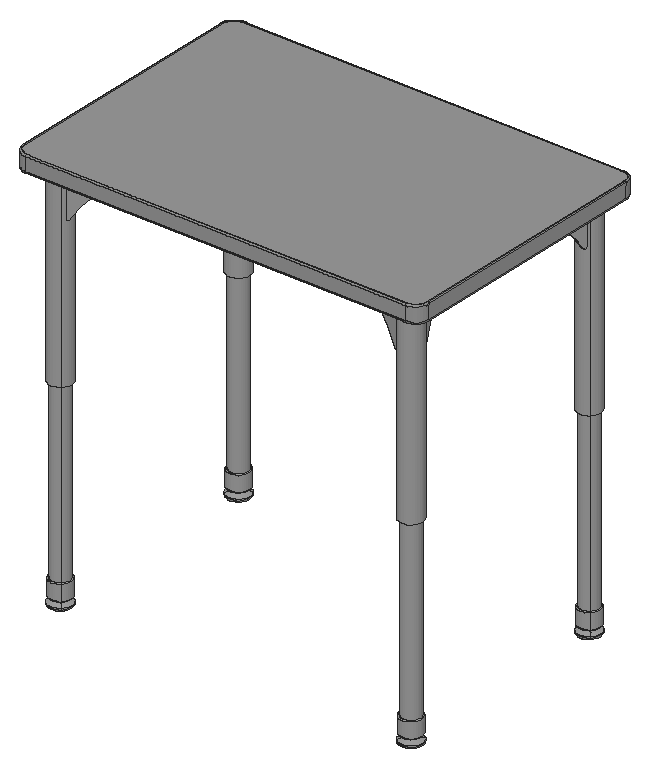
Revit family "Hierarchy Snap Rectangle Desk", category Furniture, Revit 2018
Family settings
  Work Plane-Based = No
  Always vertical = Yes
  Cut with Voids When Loaded = No
  Shared = No
  Room Calculation Point = No
Parameters
  Desk Height = 2' - 5"
  Surface = Hierarchy Snap Rectangle Desk Surface
  Leg Finish = Hierarchy Leg Platinum
  Edgeband = Hierarchy Snap Rectangle Desk Edgeband
  Caster/Glide = Hierarchy Leg - Glide : Hierarchy Leg - Glide
Reference planes (in)
  plane 1 "Center (Front/Back)": y = 0
  plane 2: z = 0
  plane 3 "Center (Left/Right)": x = 0
  plane 4 "Table Height": z = 29
Dimensions and locks (in)
  "Desk Height": plane 4 "Table Height" to level
  aligned and locked: plane 2 to level
  aligned and locked: nested 1 to plane 4 "Table Height"
Nested families (in)
  nested 1: "Snap Rectangle Tabletop" at (0, 0, 1.85825), type "Snap Rectangle Tabletop"
  nested 2: "Hierarchy Leg - Glide" at (-13, 8.25, 0) x (0.7071, 0.7071, 0) z (0, 0, 1), type <- "Caster/Glide", Leg Finish <- "Leg Finish", Leg Height <- "Desk Height", type "Hierarchy Leg - Glide"
  nested 3: "Hierarchy Leg - Glide" at (13, 8.25, 0) x (-0.7071, 0.7071, 0) z (0, 0, 1), Leg Finish <- "Leg Finish", Leg Height <- "Desk Height", type "Hierarchy Leg - Glide"
    with Leg Height 2' - 5", Leg Finish Hierarchy Leg Platinum
  nested 4: "Hierarchy Leg - Glide" at (-13, -8.25, 0) x (0.7071, -0.7071, 0) z (0, 0, 1), type <- "Caster/Glide", Leg Finish <- "Leg Finish", Leg Height <- "Desk Height", type "Hierarchy Leg - Glide"
    with Leg Height 2' - 5", Leg Finish Hierarchy Leg Platinum
  nested 5: "Hierarchy Leg - Glide" at (13, -8.25, 0) x (-0.7071, -0.7071, 0) z (0, 0, 1), Leg Finish <- "Leg Finish", Leg Height <- "Desk Height", type "Hierarchy Leg - Glide"
    with Leg Height 2' - 5", Leg Finish Hierarchy Leg Platinum
Definition of nested family "Snap Rectangle Tabletop"
  Parameters (values of type "Snap Rectangle Tabletop")
    Surface = none
    Edgeband = none
  Reference planes (in)
    plane 1 "Center (Front/Back)": y = 0
    plane 2: z = 0
    plane 3 "Center (Left/Right)": x = 0
  Forms (in)
    Extrusion 1, solid, material <- "Surface"
      sketch origin (0, 1.04902, 0) x (1, 0, 0) y (0, 1, 0)
        loop
          line (14.05799, 8.95098) -> (-14.05799, 8.95098)
          arc (-14.05799, 8.95098) -> (-14.65906, 8.70201) -> (-14.90803, 8.10093) r 0.85005
          line (-14.90803, 8.10093) -> (-14.90803, -10.19898)
          arc (-14.90803, -10.19898) -> (-14.65906, -10.80005) -> (-14.05799, -11.04902) r 0.85005
          line (-14.05799, -11.04902) -> (14.05799, -11.04902)
          arc (14.05799, -11.04902) -> (14.65906, -10.80005) -> (14.90803, -10.19898) r 0.85005
          line (14.90803, -10.19898) -> (14.90803, 8.10093)
          arc (14.90803, 8.10093) -> (14.65906, 8.70201) -> (14.05799, 8.95098) r 0.85005
      from 27.14175 to 28.39175
    Sweep 2, solid, material <- "Edgeband"
      path in 3D
        loop
          arc (-14.05799, 10, 28.39175) -> (-14.65906, 9.75103, 28.39175) -> (-14.90803, 9.14995, 28.39175) r 0.85005
          line (-14.90803, 9.14995, 28.39175) -> (-14.90803, -9.14995, 28.39175)
          arc (-14.90803, -9.14995, 28.39175) -> (-14.65906, -9.75103, 28.39175) -> (-14.05799, -10, 28.39175) r 0.85005
          line (-14.05799, -10, 28.39175) -> (14.05799, -10, 28.39175)
          arc (14.05799, -10, 28.39175) -> (14.65906, -9.75103, 28.39175) -> (14.90803, -9.14995, 28.39175) r 0.85005
          line (14.90803, -9.14995, 28.39175) -> (14.90803, 9.14995, 28.39175)
          arc (14.90803, 9.14995, 28.39175) -> (14.65906, 9.75103, 28.39175) -> (14.05799, 10, 28.39175) r 0.85005
          line (14.05799, 10, 28.39175) -> (-14.05799, 10, 28.39175)
      profile origin (0, 10, 28.39175) x (0, -1, 0) y (0, 0, 1)
        loop
          arc (0, 0) -> (-0.07921, -0.03281) -> (-0.11202, -0.11202) r 0.11202
          line (-0.11202, -0.11202) -> (-0.11202, -1.13798)
          arc (-0.11202, -1.13798) -> (-0.07921, -1.21719) -> (0, -1.25) r 0.11202
          line (0, -1.25) -> (0, 0)
  Lines and regions (in)
    sketch lines
      curve 1: line (14.05799, 10, 28.39175) -> (-14.05799, 10, 28.39175)
      curve 2: arc (-14.90803, 9.14995, 28.39175) -> (-14.65906, 9.75103, 28.39175) -> (-14.05799, 10, 28.39175) r 0.85005
      curve 3: line (-14.90803, 9.14995, 28.39175) -> (-14.90803, -9.14995, 28.39175)
      curve 4: arc (-14.05799, -10, 28.39175) -> (-14.65906, -9.75103, 28.39175) -> (-14.90803, -9.14995, 28.39175) r 0.85005
      curve 5: line (-14.05799, -10, 28.39175) -> (14.05799, -10, 28.39175)
      curve 6: arc (14.90803, -9.14995, 28.39175) -> (14.65906, -9.75103, 28.39175) -> (14.05799, -10, 28.39175) r 0.85005
      curve 7: line (14.90803, -9.14995, 28.39175) -> (14.90803, 9.14995, 28.39175)
      curve 8: arc (14.05799, 10, 28.39175) -> (14.65906, 9.75103, 28.39175) -> (14.90803, 9.14995, 28.39175) r 0.85005
  Dimensions and locks (in)
    aligned and locked: plane 2 to level
Definition of nested family "Hierarchy Leg - Glide"
  Parameters (values of type "Hierarchy Leg - Glide")
    Leg Finish [instance] = none
    Leg Height [instance] = 2' - 5"
  Reference planes (in)
    plane 1 "Center (Front/Back)": y = 0
    plane 2: z = 0
    plane 3 "Center (Left/Right)": x = 0
  Forms (in)
    Extrusion 1, solid
      sketch origin (-0.01562, 0, 0) x (1, 0, 0) y (0, 1, 0)
        loop
          circle (0.01563, 0) r 0.67016
      from 0.67618 to 16.17618
    Revolve 2, solid
      sketch origin (0, 0, 0) x (1, 0, 0) y (0, 0, 1)
        loop
          line (-0.73189, 1.80118) -> (-0.79439, 1.73867) -> (-0.79439, 0.61381) -> (-0.73176, 0.55118) -> (-0.125, 0.55118) -> (-0.125, 0.42618) -> (-0.84656, 0.16241) -> (-0.84656, 0.08994) -> (-0.81359, 0) -> (0, 0) -> (0, 1.80118) -> (-0.73189, 1.80118)
        axis (0, 1.80118) -> (0, 0)
      angle from 0 to 360
  Dimensions and locks (in)
    "Leg Height": nested 1 to level
    aligned and locked: plane 2 to level
  Automatic sketch dimensions
    plane 1 "Center (Front/Back)" to Extrusion 1 sketch curve = 0' - 0"
    Extrusion 1 sketch curve to plane 3 "Center (Left/Right)" = 0' - 0"
    Revolve 2 sketch curve to level = 0' - 0"
    Revolve 2 sketch curve to plane 3 "Center (Left/Right)" = 0' - 0"  (x2)
    Revolve 2 sketch curve to plane 3 "Center (Left/Right)" = 0' - 0 1/8"
    Revolve 2 sketch curve to Revolve 2 sketch curve = 0' - 0.60676"
    Revolve 2 sketch curve to Revolve 2 sketch curve = 0' - 0.73189"
    Revolve 2 sketch curve to Revolve 2 sketch curve = 0' - 0.06263"  (x2)
    Revolve 2 sketch curve to Revolve 2 sketch curve = 0' - 0.08183"
    Revolve 2 sketch curve to Revolve 2 sketch curve = 0' - 0.03297"
    level to Revolve 2 sketch curve = 0' - 0.08994"
    Revolve 2 sketch curve to Revolve 2 sketch curve = 0' - 0.07247"
    level to Revolve 2 sketch curve = 0' - 0.42618"
    Revolve 2 sketch curve to Revolve 2 sketch curve = 0' - 0 1/8"
    Revolve 2 sketch curve to Revolve 2 sketch curve = 0' - 1.12486"
    Revolve 2 sketch curve to Revolve 2 sketch curve = 0' - 0 1/16"
    Revolve 2 sketch curve to level = 2' - 0"
    Revolve 2 sketch curve to Revolve 2 sketch curve = 8' - 4.91764"
    radius of Extrusion 1 sketch curve = 0' - 0.67016"
  Nested families (in)
    nested 1: "Hierarchy Upper Leg 2023" at (0, 0, 1.19783), Shapes Leg Finish <- "Leg Finish", type "Hierarchy Upper Leg 2023"
      with Shapes Leg Finish none
  Definition of nested family "Hierarchy Upper Leg 2023"
    Parameters (values of type "Hierarchy Upper Leg 2023")
      Shapes Leg Finish [instance] = none
    Reference planes (in)
      plane 1 "Center (Front/Back)": y = 0
      plane 2: z = 0
      plane 3 "Center (Left/Right)": x = 0
    Forms (in)
      Extrusion 1, solid, material <- "Shapes Leg Finish"
        sketch origin (0, 0, 0) x (1, 0, 0) y (0, 1, 0)
          loop
            circle (0, 0) r 0.84802
        from 13.67618 to 27.67618
      Extrusion 2, solid, material <- "Shapes Leg Finish"
        sketch origin (0, 0, 0) x (1, 0, 0) y (0, 1, 0)
          loop
            line (-1.70174, 0.19183) -> (-2.88626, -2.26116)
            arc (-2.88626, -2.26116) -> (-2.83993, -3.09822) -> (-2.1063, -3.50394) r 0.86614
            line (-2.1063, -3.50394) -> (2.1063, -3.50394)
            arc (2.1063, -3.50394) -> (2.83993, -3.09822) -> (2.88626, -2.26116) r 0.86614
            line (2.88626, -2.26116) -> (1.70174, 0.19183)
            arc (1.70174, 0.19183) -> (0, 1.25984) -> (-1.70174, 0.19183) r 1.88976
        from 27.67618 to 27.80217
      Extrusion 3, solid, material <- "Shapes Leg Finish"
        sketch origin (-1.48519, 8.66524, 0) x (-0.434844, 0.900506, 0) y (0, 0, 1)
          loop
            line (-9.01425, 27.67618) -> (-11.80952, 27.67618)
            arc (-11.80952, 27.67618) -> (-11.92325, 27.58993) -> (-11.87088, 27.45715) r 0.11811
            arc (-11.87088, 27.45715) -> (-10.39364, 26.29679) -> (-9.23328, 24.81955) r 7.87402
            arc (-9.23328, 24.81955) -> (-9.1005, 24.76717) -> (-9.01425, 24.88091) r 0.11811
            line (-9.01425, 24.88091) -> (-9.01425, 27.67618)
        from -1.94075 to -1.81476
      Extrusion 4, solid, material <- "Shapes Leg Finish"
        sketch origin (1.48519, 8.66524, 0) x (0.434844, 0.900506, 0) y (0, 0, -1)
          loop
            line (-9.01425, -27.67618) -> (-9.01425, -24.88091)
            arc (-9.01425, -24.88091) -> (-9.1005, -24.76717) -> (-9.23328, -24.81955) r 0.11811
            arc (-9.23328, -24.81955) -> (-10.39364, -26.29679) -> (-11.87088, -27.45715) r 7.87402
            arc (-11.87088, -27.45715) -> (-11.92325, -27.58993) -> (-11.80952, -27.67618) r 0.11811
            line (-11.80952, -27.67618) -> (-9.01425, -27.67618)
        from -1.94075 to -1.81476
    Dimensions and locks (in)
      aligned and locked: plane 2 to level
